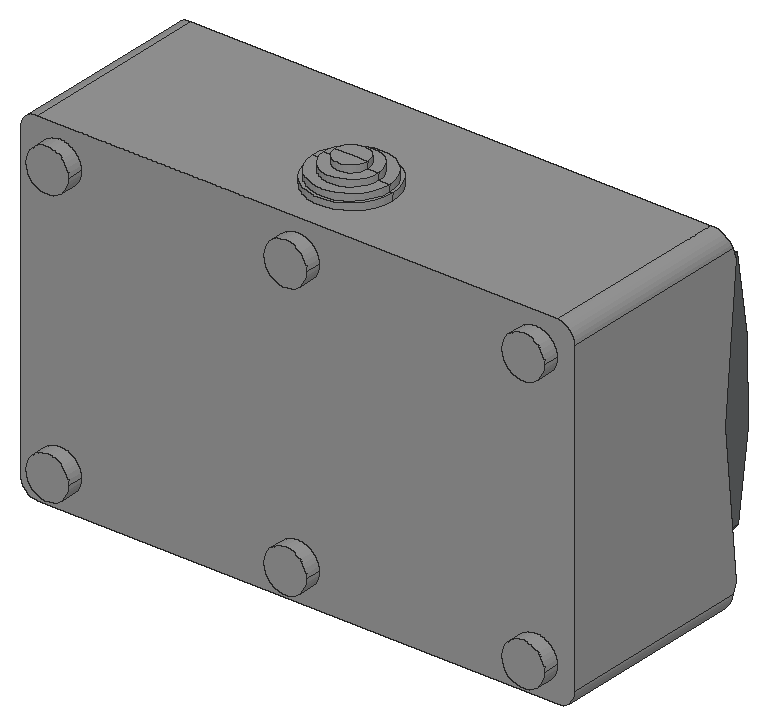
Revit family "IEK_РозеткаСетевая_ОткрытойУстановки_C ЗК с КР 16А двухместная IP54_ФОРС", category Электрические приборы, Revit 2019
Family settings
  Сохранять ориентацию аннотаций = Да
  Размер круглого соединителя = Использовать диаметр
  Тип детали = Нормальный
  На основе рабочей плоскости = Нет
  Всегда вертикально = Да
  При загрузке вырезать с полостями = Нет
  Общий = Нет
  Точка расчета площади = Нет
Parameters (values of type "РСб22-3-ФСр")
  Ширина = 127 mm  # constant formula
  Тип монтажа = "Поверхность монтажа (открытая установка)"  # constant formula
  Степень защиты = "IP54"  # constant formula
  Материал крышки = RAL 9004
  Изготовитель = "IEK"  # constant formula
  Дата изменения = ""
  Глубина = 55 mm  # constant formula
  Высота = 92 mm  # constant formula
  ΔХ [instance] = 2000 mm
  ΔY [instance] = 2000 mm
  KSI_CPr_Строительные изделия = "20.4.03.04 20.4.03.05 20.4.03.06"  # constant formula
  KSI_CMa_Строительные материалы = "01.7.14.03"  # constant formula
  IEK_Цена за единицу = 811.24
  IEK_Поиск в таблице имен = ""
  IEK_Описание = "Выключатели и розетки серии «ФОРС» IP54 для открытой установки предназначены для помещений с повышенной влажностью и запыленностью: подвалов, гаражей, мастерских. Дизайн розеток и выключателей данной серии идеально впишется в интерьер промышленных предприятий."
  IEK_URL = "https://www.iek.ru/products/catalog/izdeliya_elektroustanovochnye_udliniteli_i_silovye_razemy/elektroustanovochnye_izdeliya/elektroustanovochnye_izdeliya_otkrytogo_montazha_ip44_ip54/elektroustanovochnye_izdeliya_fors/rozetka_2_mestnaya_dlya_otkrytoy_ustanovki_rsb22_3_fsr_s_zazemlyayushchim_kontaktom_fors_ip54_iek"
  ADSK_Ток [instance] = 16 A  # constant formula
  ADSK_Примечание = ""
  ADSK_Полная мощность [instance] = ADSK_Номинальная мощность / ADSK_Коэффициент мощности  # 3520 VA
  ADSK_Позиция [instance] = ""
  ADSK_Номинальная мощность [instance] = ADSK_Ток * ADSK_Напряжение * sqrt(ADSK_Количество фаз числовое) * ADSK_Коэффициент мощности  # 3520 W
  ADSK_Напряжение = 220 V  # constant formula
  ADSK_Наименование = "Розетка 2-местная для открытой установки РСб22-3-ФСр с заземляющим контактом ФОРС IP54 IEK"
  ADSK_Материал обозначение = ""
  ADSK_Материал наименование = "Пластик"  # constant formula
  ADSK_Материал = Окраска - RAL 7035
  ADSK_Масса = 0.22  # constant formula
  ADSK_Марка = "ФОРС"  # constant formula
  ADSK_Коэффициент мощности [instance] = 1  # constant formula
  ADSK_Количество фаз числовое = 1
  ADSK_Количество фаз = 1
  ADSK_Код изделия = "ERS22-K03-16-54-DC"
  ADSK_Классификация нагрузок [instance] = Прочее
  ADSK_Завод-изготовитель = "IEK"  # constant formula
  ADSK_Единица измерения = "шт"  # constant formula
  ADSK_Группирование = "III ЭЛЕКТРОУСТАНОВОЧНЫЕ И ЭЛЕКТРОМОНТАЖНЫЕ ИЗДЕЛИЯ"  # constant formula
  ADSK_Версия семейства = "1.0"  # constant formula
  ADSK_Версия Revit = "2019"  # constant formula
  ADSK_URL страницы изделия = "https://www.iek.ru/products/catalog/izdeliya_elektroustanovochnye_udliniteli_i_silovye_razemy/elektroustanovochnye_izdeliya/elektroustanovochnye_izdeliya_otkrytogo_montazha_ip44_ip54/elektroustanovochnye_izdeliya_fors/"
Reference planes
  plane 1 "По центру (Вперед/Назад)": y = 0
  plane 2: z = 0
  plane 3 "По центру (Влево/Вправо)": x = 0
  plane 4 "Высота ножек": z = 280
  plane 5 "Высота": z = 2081.496
  plane 6: x = -2000
  plane 7: y = 2000
Forms (mm)
  Extrusion 1, void
    sketch origin (-31.463, 0, 45.5) x (1, 0, 0) y (0, 0, -1)
      loop
        arc (-16.762, -9.964) -> (-0.012, -19.5) -> (16.75, -9.984) r 19.5
        line (16.75, -9.984) -> (16.75, -2.25) -> (19.37, -2.25)
        arc (19.37, -2.25) -> (19.5, 0) -> (19.37, 2.25) r 19.5
        line (19.37, 2.25) -> (16.75, 2.25) -> (16.75, 9.984)
        arc (16.75, 9.984) -> (0, 19.5) -> (-16.75, 9.984) r 19.5
        line (-16.75, 9.984) -> (-16.75, 2.25) -> (-19.37, 2.25)
        arc (-19.37, 2.25) -> (-19.5, 0) -> (-19.37, -2.25) r 19.5
        line (-19.37, -2.25) -> (-16.75, -2.25) -> (-16.762, -9.964)
    from 29.8 to 50.392
  Extrusion 2, void
    sketch origin (-31.463, 0, 45.5) x (1, 0, 0) y (0, 0, -1)
      loop
        circle (-9.525, 0) r 2.758
      loop
        circle (9.525, 0) r 2.758
    from 29.8 to 27.3
  Extrusion 3, solid, material "Окраска - RAL 7035" <- "ADSK_Материал", detail levels fine
    sketch origin (0, 0, 45.5) x (1, 0, 0) y (0, 0, -1)
      loop
        line (-63.5, 35.5) -> (-63.5, -35.45)
        arc (-63.5, -35.45) -> (-62.314, -38.314) -> (-59.45, -39.5) r 4.05
        line (-59.45, -39.5) -> (59.5, -39.5)
        arc (59.5, -39.5) -> (62.328, -38.328) -> (63.5, -35.5) r 4
        line (63.5, -35.5) -> (63.5, 35.5)
        arc (63.5, 35.5) -> (62.328, 38.328) -> (59.5, 39.5) r 4
        line (59.5, 39.5) -> (-59.5, 39.5)
        arc (-59.5, 39.5) -> (-62.328, 38.328) -> (-63.5, 35.5) r 4
    from 3.5 to 50.392
  Extrusion 4, void
    sketch origin (31.5, 0, 32.4) x (1, 0, 0) y (0, 0, -1)
      loop
        line (-25.1, 26.4) -> (-25.1, 17.6) -> (-30.2, 10.316) -> (-30.2, -48.6)
        arc (-30.2, -48.6) -> (-29.556, -50.156) -> (-28, -50.8) r 2.2
        line (-28, -50.8) -> (28, -50.8)
        arc (28, -50.8) -> (29.556, -50.156) -> (30.2, -48.6) r 2.2
        line (30.2, -48.6) -> (30.2, 10.316) -> (25.1, 17.6) -> (25.1, 26.4) -> (-25.1, 26.4)
      loop
        arc (-3.5, 7.353) -> (-20.75, -13.1) -> (-3.5, -33.553) r 20.75
        line (-3.5, -33.553) -> (-3.5, -36.6) -> (3.5, -36.6) -> (3.5, -33.553)
        arc (3.5, -33.553) -> (20.75, -13.1) -> (3.5, 7.353) r 20.75
        line (3.5, 7.353) -> (3.5, 10.4) -> (-3.5, 10.4) -> (-3.5, 7.353)
    from 39.3 to 50.392
  Extrusion 5, solid, material "Окраска - RAL 7035" <- "ADSK_Материал", detail levels fine
    sketch origin (0, 0, 45.5) x (1, 0, 0) y (0, 0, -1)
      loop
        circle (-54.48, -31.518) r 4.9
      loop
        circle (-0.005, -31.518) r 4.9
      loop
        circle (54.48, -31.518) r 4.9
      loop
        circle (-54.48, 31.518) r 4.9
      loop
        circle (-0.005, 31.518) r 4.9
      loop
        circle (54.48, 31.518) r 4.9
    from 0 to 3.5
  Revolve 6, solid, material "Окраска - RAL 7035" <- "ADSK_Материал", detail levels fine
    sketch origin (0, 18.905, 4617.5) x (-1, 0, 0) y (0, 0, 1)
      loop
        line (0, -4526.5) -> (0, -4532.5) -> (9.541, -4532.5) -> (9.541, -4531) -> (8.75, -4531) -> (8.75, -4529.5) -> (6.25, -4529.5) -> (6.25, -4528) -> (3.75, -4528) -> (3.75, -4526.5) -> (0, -4526.5)
      loop
        line (0, -4617.5) -> (3.75, -4617.5) -> (3.75, -4616) -> (6.25, -4616) -> (6.25, -4614.5) -> (8.75, -4614.5) -> (8.75, -4613) -> (9.541, -4613) -> (9.541, -4611.5) -> (0, -4611.5) -> (0, -4617.5)
      axis (0, -4617.5) -> (0, -4526.5)
    angle from 0 to 360
  Extrusion 7, void
    sketch origin (31.251, 12.891, 32.296) x (1, 0, 0) y (0, 0, -1)
      loop
        line (-24.926, 12.673) -> (-24.926, -39.081) -> (25.074, -39.081) -> (25.074, 12.673) -> (-24.926, 12.673)
    from 34.409 to 37.501
  Extrusion 8, void
    sketch origin (0, 0, 45.5) x (0, 0, -1) y (0, 1, 0)
      loop
        line (39.5, 47.287) -> (39.5, 51.998) -> (-39.5, 51.998) -> (-39.5, 47.287) -> (-33.021, 49.493)
        arc (-33.021, 49.493) -> (0.067, 46.452) -> (33.15, 49.537) r 180.205
        arc (33.15, 49.537) -> (36.341, 48.456) -> (39.5, 47.287) r 121.61
    from -63.5 to 63.5
  Extrusion 9, void
    sketch origin (31.5, 0, 45.5) x (1, 0, 0) y (0, 0, -1)
      loop
        arc (-16.762, -9.964) -> (-0.012, -19.5) -> (16.75, -9.984) r 19.5
        line (16.75, -9.984) -> (16.75, -2.25) -> (19.37, -2.25)
        arc (19.37, -2.25) -> (19.5, 0) -> (19.37, 2.25) r 19.5
        line (19.37, 2.25) -> (16.75, 2.25) -> (16.75, 9.984)
        arc (16.75, 9.984) -> (0, 19.5) -> (-16.75, 9.984) r 19.5
        line (-16.75, 9.984) -> (-16.75, 2.25) -> (-19.37, 2.25)
        arc (-19.37, 2.25) -> (-19.5, 0) -> (-19.37, -2.25) r 19.5
        line (-19.37, -2.25) -> (-16.75, -2.25) -> (-16.762, -9.964)
    from 29.8 to 50.392
  Extrusion 10, void
    sketch origin (31.5, 0, 45.5) x (1, 0, 0) y (0, 0, -1)
      loop
        circle (-9.525, 0) r 2.758
      loop
        circle (9.525, 0) r 2.758
    from 29.8 to 27.3
  Extrusion 11, void
    sketch origin (-31.5, 0, 32.4) x (1, 0, 0) y (0, 0, -1)
      loop
        line (-25.1, 26.4) -> (-25.1, 17.6) -> (-30.2, 10.316) -> (-30.2, -48.6)
        arc (-30.2, -48.6) -> (-29.556, -50.156) -> (-28, -50.8) r 2.2
        line (-28, -50.8) -> (28, -50.8)
        arc (28, -50.8) -> (29.556, -50.156) -> (30.2, -48.6) r 2.2
        line (30.2, -48.6) -> (30.2, 10.316) -> (25.1, 17.6) -> (25.1, 26.4) -> (-25.1, 26.4)
      loop
        arc (-3.5, 7.353) -> (-20.75, -13.1) -> (-3.5, -33.553) r 20.75
        line (-3.5, -33.553) -> (-3.5, -36.6) -> (3.5, -36.6) -> (3.5, -33.553)
        arc (3.5, -33.553) -> (20.75, -13.1) -> (3.5, 7.353) r 20.75
        line (3.5, 7.353) -> (3.5, 10.4) -> (-3.5, 10.4) -> (-3.5, 7.353)
    from 39.3 to 50.392
  Extrusion 12, void
    sketch origin (-31.251, 12.891, 32.296) x (-1, 0, 0) y (0, 0, 1)
      loop
        line (-24.926, -12.673) -> (25.074, -12.673) -> (25.074, 39.081) -> (-24.926, 39.081) -> (-24.926, -12.673)
    from 34.409 to 37.501
  Extrusion 13, solid, material "RAL 9004" <- "Материал крышки", detail levels fine
    sketch origin (31.5, 0, -56.325) x (0, 0, -1) y (0, 1, 0)
      loop
        line (-137.825, 45.3) -> (-137.825, 39.3) -> (-135.825, 39.3) -> (-135.825, 44.857) -> (-134.019, 48.731)
        arc (-134.019, 48.731) -> (-102.572, 45.387) -> (-71.125, 48.731) r 149.542
        arc (-71.125, 48.731) -> (-67.407, 47.585) -> (-63.725, 46.326) r 126.941
        line (-63.725, 46.326) -> (-63.725, 39.3) -> (-62.325, 39.3) -> (-62.325, 47.287)
        arc (-62.325, 47.287) -> (-98.143, 55.179) -> (-134.685, 52.033) r 121.61
        line (-134.685, 52.033) -> (-137.825, 45.3)
    from -30.2 to 30.2
  Extrusion 14, void
    sketch origin (31.5, 0, 32.4) x (1, 0, 0) y (0, 0, -1)
      loop
        line (-25.1, 17.6) -> (-25.1, 26.4) -> (-30.2, 26.4) -> (-30.2, 10.316) -> (-25.1, 17.6)
      loop
        line (30.2, 10.316) -> (30.2, 26.4) -> (25.1, 26.4) -> (25.1, 17.6) -> (30.2, 10.316)
      loop
        line (-11.25, -50.2) -> (11.25, -50.2) -> (11.25, -46.2) -> (-11.25, -46.2) -> (-11.25, -50.2)
    from 39.3 to 52.424
  Extrusion 15, solid, material "RAL 9004" <- "Материал крышки", detail levels fine
    sketch origin (-31.5, 0, -56.325) x (0, 0, -1) y (0, 1, 0)
      loop
        line (-137.825, 45.3) -> (-137.825, 39.3) -> (-135.825, 39.3) -> (-135.825, 44.857) -> (-134.019, 48.731)
        arc (-134.019, 48.731) -> (-102.572, 45.387) -> (-71.125, 48.731) r 149.542
        arc (-71.125, 48.731) -> (-67.407, 47.585) -> (-63.725, 46.326) r 126.941
        line (-63.725, 46.326) -> (-63.725, 39.3) -> (-62.325, 39.3) -> (-62.325, 47.287)
        arc (-62.325, 47.287) -> (-98.143, 55.179) -> (-134.685, 52.033) r 121.61
        line (-134.685, 52.033) -> (-137.825, 45.3)
    from -30.2 to 30.2
  Extrusion 16, void
    sketch origin (-31.5, 0, 32.4) x (1, 0, 0) y (0, 0, -1)
      loop
        line (-25.1, 17.6) -> (-25.1, 26.4) -> (-30.2, 26.4) -> (-30.2, 10.316) -> (-25.1, 17.6)
      loop
        line (30.2, 10.316) -> (30.2, 26.4) -> (25.1, 26.4) -> (25.1, 17.6) -> (30.2, 10.316)
      loop
        line (-11.25, -50.2) -> (11.25, -50.2) -> (11.25, -46.2) -> (-11.25, -46.2) -> (-11.25, -50.2)
    from 39.3 to 52.424
  Extrusion 17, solid, detail levels coarse
    sketch origin (0, 0, 0) x (1, 0, 0) y (0, 1, 0)
      loop
        line (-63.5, 0) -> (63.5, 0) -> (63.5, 55.44) -> (-63.5, 55.44) -> (-63.5, 0)
    from 0 to 91
  Extrusion 18, solid, detail levels medium
    sketch origin (0, 0, 0) x (1, 0, 0) y (0, 1, 0)
      loop
        line (-63.5, 55.44) -> (-63.5, 0) -> (63.5, 0) -> (63.5, 55.44) -> (-63.5, 55.44)
    from 0 to 91
Cuts and joins
  Extrusion 1, Extrusion 2, Extrusion 4, Extrusion 7, Extrusion 8, Extrusion 9, Extrusion 10, Extrusion 11, Extrusion 12 cuts Extrusion 3
  Extrusion 14 cuts Extrusion 13
  Extrusion 16 cuts Extrusion 15
Lines and regions (mm)
  reference lines
    curve 1: line (0, 44.647, 0) -> (0, -55.353, 0)
    curve 2: line (-23.829, 0, 0) -> (76.171, 0, 0)
Dimensions and locks
  locked: plane 4 "Высота ножек" to plane 2 at 280
  plane 5 "Высота" to plane 4 "Высота ножек" = 1801.496 mm
  "ΔХ": plane 6 to curve 1
  "ΔY": plane 7 to curve 2
  aligned and locked: level to plane 2
  aligned and locked: nested 1 to curve 1
  aligned and locked: curve 2 to nested 1
Automatic sketch dimensions
  Extrusion 1 sketch curve to Extrusion 1 sketch curve = 0 mm  (x14)
  Extrusion 1 sketch curve to plane 3 "По центру (Влево/Вправо)" = 50.833 mm
  Extrusion 1 sketch curve to Extrusion 1 sketch curve = 2.62 mm  (x4)
  Extrusion 1 sketch curve to Extrusion 1 sketch curve = 16.75 mm
  Extrusion 1 sketch curve to plane 3 "По центру (Влево/Вправо)" = 14.713 mm
  level to Extrusion 1 sketch curve = 55.484 mm
  Extrusion 1 sketch curve to Extrusion 1 sketch curve = 7.734 mm  (x3)
  Extrusion 1 sketch curve to Extrusion 1 sketch curve = 2.25 mm
  Extrusion 1 sketch curve to Extrusion 1 sketch curve = 0.012 mm
  Extrusion 2 sketch curve to plane 3 "По центру (Влево/Вправо)" = 40.988 mm
  Extrusion 2 sketch curve to Extrusion 2 sketch curve = 19.049 mm
  level to Extrusion 2 sketch curve = 45.5 mm
  Extrusion 2 sketch curve to Extrusion 2 sketch curve = 0 mm
  level to Extrusion 3 sketch curve = 10 mm  (x2)
  Extrusion 3 sketch curve to plane 3 "По центру (Влево/Вправо)" = 63.5 mm
  Extrusion 3 sketch curve to Extrusion 3 sketch curve = 4 mm
  Extrusion 3 sketch curve to Extrusion 3 sketch curve = 4.05 mm
  plane 3 "По центру (Влево/Вправо)" to Extrusion 3 sketch curve = 59.5 mm  (x2)
  level to Extrusion 3 sketch curve = 80.95 mm
  Extrusion 4 sketch curve to Extrusion 4 sketch curve = 0 mm  (x2)
  plane 3 "По центру (Влево/Вправо)" to Extrusion 4 sketch curve = 1.3 mm
  Extrusion 4 sketch curve to Extrusion 4 sketch curve = 2.2 mm
  level to Extrusion 4 sketch curve = 14.8 mm  (x2)
  plane 3 "По центру (Влево/Вправо)" to Extrusion 4 sketch curve = 6.4 mm
  level to Extrusion 4 sketch curve = 22 mm
  Extrusion 4 sketch curve to Extrusion 4 sketch curve = 21.6 mm  (x2)
  Extrusion 4 sketch curve to Extrusion 4 sketch curve = 24.5 mm  (x2)
  Extrusion 4 sketch curve to Extrusion 4 sketch curve = 3.5 mm
  Extrusion 4 sketch curve to Extrusion 4 sketch curve = 7 mm  (x2)
  level to Extrusion 4 sketch curve = 22.084 mm  (x2)
  Extrusion 4 sketch curve to Extrusion 4 sketch curve = 5.1 mm
  Extrusion 4 sketch curve to Extrusion 4 sketch curve = 3.047 mm  (x3)
  Extrusion 4 sketch curve to Extrusion 4 sketch curve = 20.453 mm
  Extrusion 4 sketch curve to Extrusion 4 sketch curve = 12 mm
  Extrusion 4 sketch curve to Extrusion 4 sketch curve = 8.8 mm
  level to Extrusion 5 sketch curve = 13.982 mm  (x3)
  Extrusion 5 sketch curve to plane 3 "По центру (Влево/Вправо)" = 54.48 mm  (x2)
  Extrusion 5 sketch curve to plane 3 "По центру (Влево/Вправо)" = 0.005 mm  (x2)
  plane 3 "По центру (Влево/Вправо)" to Extrusion 5 sketch curve = 54.48 mm  (x2)
  level to Extrusion 5 sketch curve = 77.018 mm  (x2)
  Extrusion 5 sketch curve to Extrusion 5 sketch curve = 0 mm
  Revolve 6 sketch curve to plane 3 "По центру (Влево/Вправо)" = 0 mm  (x3)
  Revolve 6 sketch curve to plane 3 "По центру (Влево/Вправо)" = 3.75 mm  (x2)
  Revolve 6 sketch curve to Revolve 6 sketch curve = 2.5 mm  (x4)
  Revolve 6 sketch curve to Revolve 6 sketch curve = 0.791 mm  (x2)
  Revolve 6 sketch curve to level = 0 mm
  Revolve 6 sketch curve to Revolve 6 sketch curve = 1.5 mm  (x7)
  Revolve 6 sketch curve to Revolve 6 sketch curve = 4.5 mm
  level to Revolve 6 sketch curve = 85 mm
  Revolve 6 sketch curve to Revolve 6 sketch curve = 1478.5 mm
  Revolve 6 sketch curve to plane 5 "Высота" = 511.996 mm
  plane 3 "По центру (Влево/Вправо)" to Extrusion 7 sketch curve = 6.325 mm
  Extrusion 7 sketch curve to Extrusion 7 sketch curve = 50 mm
  level to Extrusion 7 sketch curve = 71.377 mm
  level to Extrusion 7 sketch curve = 19.623 mm
  Extrusion 8 sketch curve to plane 1 "По центру (Вперед/Назад)" = 51.998 mm
  level to Extrusion 8 sketch curve = 85 mm
  Extrusion 8 sketch curve to Extrusion 8 sketch curve = 6.479 mm
  level to Extrusion 8 sketch curve = 49.778 mm
  level to Extrusion 8 sketch curve = 45.554 mm
  level to Extrusion 8 sketch curve = 6 mm
  Extrusion 8 sketch curve to Extrusion 8 sketch curve = 2.505 mm
  Extrusion 8 sketch curve to Extrusion 8 sketch curve = 4.711 mm  (x2)
  plane 1 "По центру (Вперед/Назад)" to Extrusion 8 sketch curve = 66.17 mm
  Extrusion 8 sketch curve to Extrusion 8 sketch curve = 174.659 mm
  Extrusion 9 sketch curve to Extrusion 9 sketch curve = 0 mm  (x14)
  plane 3 "По центру (Влево/Вправо)" to Extrusion 9 sketch curve = 12.13 mm
  Extrusion 9 sketch curve to Extrusion 9 sketch curve = 2.62 mm  (x4)
  Extrusion 9 sketch curve to Extrusion 9 sketch curve = 16.75 mm  (x2)
  level to Extrusion 9 sketch curve = 55.484 mm
  Extrusion 9 sketch curve to Extrusion 9 sketch curve = 7.734 mm  (x3)
  Extrusion 9 sketch curve to Extrusion 9 sketch curve = 2.25 mm
  Extrusion 9 sketch curve to Extrusion 9 sketch curve = 0.012 mm
  plane 3 "По центру (Влево/Вправо)" to Extrusion 10 sketch curve = 21.975 mm
  Extrusion 10 sketch curve to Extrusion 10 sketch curve = 19.049 mm
  level to Extrusion 10 sketch curve = 45.5 mm
  Extrusion 10 sketch curve to Extrusion 10 sketch curve = 0 mm
  Extrusion 11 sketch curve to Extrusion 11 sketch curve = 0 mm  (x2)
  level to Extrusion 11 sketch curve = 22.084 mm  (x2)
  Extrusion 11 sketch curve to plane 3 "По центру (Влево/Вправо)" = 61.7 mm
  Extrusion 11 sketch curve to Extrusion 11 sketch curve = 2.2 mm
  level to Extrusion 11 sketch curve = 14.8 mm  (x2)
  Extrusion 11 sketch curve to Extrusion 11 sketch curve = 5.1 mm
  level to Extrusion 11 sketch curve = 22 mm
  Extrusion 11 sketch curve to Extrusion 11 sketch curve = 21.6 mm
  Extrusion 11 sketch curve to Extrusion 11 sketch curve = 24.5 mm
  Extrusion 11 sketch curve to Extrusion 11 sketch curve = 3.5 mm
  Extrusion 11 sketch curve to Extrusion 11 sketch curve = 7 mm  (x2)
  Extrusion 11 sketch curve to plane 3 "По центру (Влево/Вправо)" = 6.4 mm
  Extrusion 11 sketch curve to plane 3 "По центру (Влево/Вправо)" = 3.5 mm
  Extrusion 11 sketch curve to plane 3 "По центру (Влево/Вправо)" = 1.3 mm
  Extrusion 11 sketch curve to Extrusion 11 sketch curve = 3.047 mm  (x3)
  Extrusion 11 sketch curve to Extrusion 11 sketch curve = 20.453 mm
  Extrusion 11 sketch curve to Extrusion 11 sketch curve = 12 mm
  Extrusion 11 sketch curve to Extrusion 11 sketch curve = 8.8 mm
  Extrusion 12 sketch curve to plane 3 "По центру (Влево/Вправо)" = 6.325 mm
  Extrusion 12 sketch curve to Extrusion 12 sketch curve = 50 mm
  level to Extrusion 12 sketch curve = 19.623 mm
  Extrusion 12 sketch curve to Extrusion 12 sketch curve = 51.754 mm
  Extrusion 13 sketch curve to plane 1 "По центру (Вперед/Назад)" = 39.3 mm
  level to Extrusion 13 sketch curve = 81.5 mm
  Extrusion 13 sketch curve to Extrusion 13 sketch curve = 2 mm
  Extrusion 13 sketch curve to plane 1 "По центру (Вперед/Назад)" = 52.033 mm
  Extrusion 13 sketch curve to Extrusion 13 sketch curve = 1.14 mm
  Extrusion 13 sketch curve to plane 1 "По центру (Вперед/Назад)" = 48.731 mm
  Extrusion 13 sketch curve to Extrusion 13 sketch curve = 0.667 mm
  level to Extrusion 13 sketch curve = 50.318 mm
  Extrusion 13 sketch curve to Extrusion 13 sketch curve = 0.54 mm
  level to Extrusion 13 sketch curve = 46.247 mm
  level to Extrusion 13 sketch curve = 7.4 mm
  Extrusion 13 sketch curve to Extrusion 13 sketch curve = 1.4 mm
  plane 1 "По центру (Вперед/Назад)" to Extrusion 13 sketch curve = 66.17 mm
  Extrusion 13 sketch curve to Extrusion 13 sketch curve = 6.97 mm
  Extrusion 13 sketch curve to Extrusion 13 sketch curve = 7.987 mm
  Extrusion 13 sketch curve to Extrusion 13 sketch curve = 3.874 mm
  Extrusion 13 sketch curve to Extrusion 13 sketch curve = 0.443 mm
  Extrusion 13 sketch curve to Extrusion 13 sketch curve = 0.962 mm
  Extrusion 13 sketch curve to Extrusion 13 sketch curve = 142.896 mm
  plane 3 "По центру (Влево/Вправо)" to Extrusion 14 sketch curve = 1.3 mm
  Extrusion 14 sketch curve to Extrusion 14 sketch curve = 5.1 mm  (x2)
  plane 3 "По центру (Влево/Вправо)" to Extrusion 14 sketch curve = 20.25 mm
  Extrusion 14 sketch curve to Extrusion 14 sketch curve = 22.5 mm
  level to Extrusion 14 sketch curve = 14.8 mm  (x2)
  Extrusion 14 sketch curve to Extrusion 14 sketch curve = 50.2 mm
  level to Extrusion 14 sketch curve = 22.084 mm  (x2)
  Extrusion 14 sketch curve to Extrusion 14 sketch curve = 56.516 mm
  Extrusion 14 sketch curve to Extrusion 14 sketch curve = 4 mm
  Extrusion 14 sketch curve to Extrusion 14 sketch curve = 8.8 mm  (x2)
  Extrusion 15 sketch curve to plane 1 "По центру (Вперед/Назад)" = 39.3 mm
  level to Extrusion 15 sketch curve = 81.5 mm
  Extrusion 15 sketch curve to Extrusion 15 sketch curve = 2 mm
  Extrusion 15 sketch curve to plane 1 "По центру (Вперед/Назад)" = 52.033 mm
  Extrusion 15 sketch curve to Extrusion 15 sketch curve = 1.14 mm
  Extrusion 15 sketch curve to plane 1 "По центру (Вперед/Назад)" = 48.731 mm
  Extrusion 15 sketch curve to Extrusion 15 sketch curve = 0.667 mm
  level to Extrusion 15 sketch curve = 50.318 mm
  Extrusion 15 sketch curve to Extrusion 15 sketch curve = 0.54 mm
  level to Extrusion 15 sketch curve = 46.247 mm
  level to Extrusion 15 sketch curve = 7.4 mm
  Extrusion 15 sketch curve to Extrusion 15 sketch curve = 1.4 mm
  plane 1 "По центру (Вперед/Назад)" to Extrusion 15 sketch curve = 66.17 mm
  Extrusion 15 sketch curve to Extrusion 15 sketch curve = 6.97 mm
  Extrusion 15 sketch curve to Extrusion 15 sketch curve = 7.987 mm
  Extrusion 15 sketch curve to Extrusion 15 sketch curve = 3.874 mm
  Extrusion 15 sketch curve to Extrusion 15 sketch curve = 0.443 mm
  Extrusion 15 sketch curve to Extrusion 15 sketch curve = 0.962 mm
  Extrusion 15 sketch curve to Extrusion 15 sketch curve = 142.896 mm
  level to Extrusion 16 sketch curve = 22.084 mm  (x2)
  Extrusion 16 sketch curve to plane 3 "По центру (Влево/Вправо)" = 61.7 mm
  Extrusion 16 sketch curve to Extrusion 16 sketch curve = 5.1 mm
  Extrusion 16 sketch curve to plane 3 "По центру (Влево/Вправо)" = 42.75 mm
  Extrusion 16 sketch curve to plane 3 "По центру (Влево/Вправо)" = 20.25 mm
  level to Extrusion 16 sketch curve = 14.8 mm  (x2)
  Extrusion 16 sketch curve to plane 3 "По центру (Влево/Вправо)" = 6.4 mm
  Extrusion 16 sketch curve to plane 3 "По центру (Влево/Вправо)" = 1.3 mm
  level to Extrusion 16 sketch curve = 78.6 mm
  Extrusion 16 sketch curve to Extrusion 16 sketch curve = 4 mm
  Extrusion 16 sketch curve to Extrusion 16 sketch curve = 8.8 mm  (x2)
  plane 1 "По центру (Вперед/Назад)" to Extrusion 17 sketch curve = 0 mm
  Extrusion 17 sketch curve to plane 3 "По центру (Влево/Вправо)" = 63.5 mm
  plane 3 "По центру (Влево/Вправо)" to Extrusion 17 sketch curve = 63.5 mm
  Extrusion 17 sketch curve to plane 1 "По центру (Вперед/Назад)" = 55.44 mm
  plane 1 "По центру (Вперед/Назад)" to Extrusion 18 sketch curve = 0 mm
  Extrusion 18 sketch curve to plane 3 "По центру (Влево/Вправо)" = 63.5 mm
  plane 3 "По центру (Влево/Вправо)" to Extrusion 18 sketch curve = 63.5 mm
  Extrusion 18 sketch curve to plane 1 "По центру (Вперед/Назад)" = 55.44 mm
  curve 2 to plane 3 "По центру (Влево/Вправо)" = 23.829 mm
  plane 3 "По центру (Влево/Вправо)" to curve 2 = 76.171 mm
  plane 1 "По центру (Вперед/Назад)" to curve 1 = 55.353 mm
  curve 1 to plane 1 "По центру (Вперед/Назад)" = 44.647 mm
  radius of Extrusion 2 sketch curve = 2.758 mm  (x2)
  radius of Extrusion 5 sketch curve = 4.9 mm  (x6)
  radius of Extrusion 10 sketch curve = 2.758 mm  (x2)
Nested families
  nested 1: "УГО Розетки" at (0, 0, 0), type "2PE-O", detail levels coarse+medium
    with Количество в блоке "2Б", Блок розеток yes, IP44 yes
Connectors
  electrical at (0.006, 3.5, 45.494), driven by "ADSK_Количество фаз", driven by "ADSK_Классификация нагрузок", driven by "ADSK_Напряжение", driven by "ADSK_Полная мощность", driven by "ADSK_Коэффициент мощности"
    settings: on cut or joined group of Extrusion 1, Extrusion 2, Extrusion 3, Extrusion 4, Extrusion 7, Extrusion 8, Extrusion 9, Extrusion 10, Extrusion 11, Extrusion 12, index 1, voltage 220 V, apparent load 0 VA, apparent load phase1 3520 VA, apparent load phase2 0 VA, apparent load phase3 0 VA, power factor 1, load classification "Прочее", number of poles 1, system type 31, power factor state 1, is connector primary yes, connector utility no, sub classification motor no, connector description ""
Definition of nested family "УГО Розетки"
  Parameters (values of type "3PE-O")
    Количество в блоке [instance] = ""
    Блок розеток [instance] = no
    IP44 [instance] = no
    3PE-O = yes
    3PE-C = no
    2PE-O = no
    2PE-C = no
    2P-O = no
    2P-C = no
  Types (6, lengths in mm): name | 3PE-O | 3PE-C | 2PE-O | 2PE-C | 2P-O | 2P-C
    2P-O | no | no | no | no | yes | no
    3PE-O | yes | no | no | no | no | no
    2P-C | no | no | no | no | no | yes
    2PE-C | no | no | no | yes | no | no
    2PE-O | no | no | yes | no | no | no
    3PE-C | no | yes | no | no | no | no
  Reference planes
    plane 1: y = 0
    plane 2: x = 0
  Lines and regions (mm)
    Filled region 1, type "Цветовая область 1", visible <- "IP44"
      outline origin (0, 0, 0) x (1, 0, 0) y (0, 1, 0)
        loop
          line (-2.5, 0) -> (2.5, 0)
          arc (2.5, 0) -> (0, 2.5) -> (-2.5, 0) r 2.5
    Filled region 2, type "Цветовая область 1", visible <- "IP44", not visible
      outline origin (0, 0, 0) x (1, 0, 0) y (0, 1, 0)
        loop
          line (-2.5, 4.664) -> (2.5, 4.664)
          arc (2.5, 4.664) -> (0, 7.164) -> (-2.5, 4.664) r 2.5
    detail lines
      curve 1: line (-2.5, 0, 0) -> (2.5, 0, 0)
      curve 3: line (0, 2.5, 0) -> (0, 5, 0)
      curve 4: arc (-2.5, 0, 0) -> (0, 2.5, 0) -> (2.5, 0, 0) r 2.5
    detail lines, visible <- "3PE-C"
      curve 2: line (0, 0, 0) -> (0, 2.5, 0)
      curve 5: line (-2.5, 2.5, 0) -> (2.5, 2.5, 0)
      curve 17: line (0, 2.5, 0) -> (1.768, 4.268, 0)
      curve 18: line (0, 2.5, 0) -> (-1.768, 4.268, 0)
    detail lines, not visible
      curve 6: line (-2.5, 4.664, 0) -> (2.5, 4.664, 0)
      curve 8: line (0, 7.164, 0) -> (0, 9.664, 0)
      curve 9: arc (-2.5, 4.664, 0) -> (0, 7.164, 0) -> (2.5, 4.664, 0) r 2.5
    detail lines, visible <- "3PE-C", not visible
      curve 7: line (0, 4.664, 0) -> (0, 7.164, 0)
      curve 10: line (-2.5, 7.164, 0) -> (2.5, 7.164, 0)
      curve 23: line (0, 7.164, 0) -> (1.768, 8.932, 0)
      curve 24: line (0, 7.164, 0) -> (-1.768, 8.932, 0)
    detail lines, visible <- "3PE-O"
      curve 11: line (-2.5, 2.5, 0) -> (2.5, 2.5, 0)
      curve 19: line (0, 2.5, 0) -> (1.768, 4.268, 0)
      curve 20: line (0, 2.5, 0) -> (-1.768, 4.268, 0)
    detail lines, visible <- "3PE-O", not visible
      curve 12: line (-2.5, 7.164, 0) -> (2.5, 7.164, 0)
      curve 25: line (0, 7.164, 0) -> (1.768, 8.932, 0)
      curve 26: line (0, 7.164, 0) -> (-1.768, 8.932, 0)
    detail lines, visible <- "2PE-C"
      curve 13: line (0, 0, 0) -> (0, 2.5, 0)
      curve 22: line (-2.5, 2.5, 0) -> (2.5, 2.5, 0)
    detail lines, visible <- "2P-C"
      curve 14: line (0, 0, 0) -> (0, 2.5, 0)
    detail lines, visible <- "2PE-C", not visible
      curve 15: line (0, 4.664, 0) -> (0, 7.164, 0)
      curve 28: line (-2.5, 7.164, 0) -> (2.5, 7.164, 0)
    detail lines, visible <- "2P-C", not visible
      curve 16: line (0, 4.664, 0) -> (0, 7.164, 0)
    detail lines, visible <- "2PE-O"
      curve 21: line (-2.5, 2.5, 0) -> (2.5, 2.5, 0)
    detail lines, visible <- "2PE-O", not visible
      curve 27: line (-2.5, 7.164, 0) -> (2.5, 7.164, 0)
    reference lines
      curve 29: line (100, 9.605, 0) -> (100, -3.971, 0)
  Text (mm)
    label "3" at (1.908, 5.573, 0), shows "Количество в блоке", visible <- "Блок розеток"
    label "3" at (1.908, 10.237, 0), shows "Количество в блоке", visible <- "Блок розеток", not visible
  Dimensions and locks
    aligned and locked: Filled region 1 sketch curve to curve 4
    aligned and locked: Filled region 2 sketch curve to curve 9
